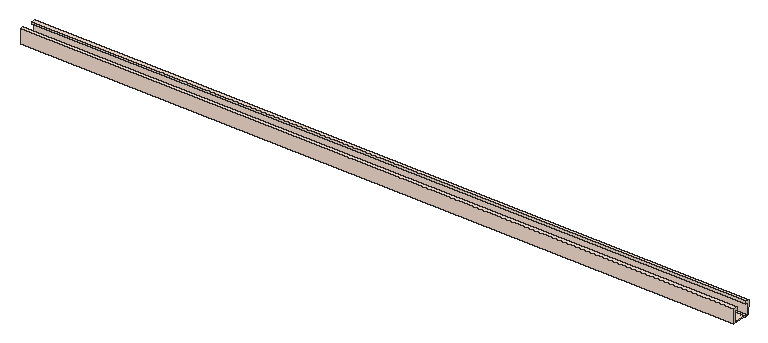
Revit family "CS-19", category 機械設備, Revit 2020
Family settings
  丸型コネクタ寸法 = 直径を使用
  種別 = なし
  パーツ タイプ = 標準
  作業面ベース = いいえ
  常に垂直 = はい
  ロード時にボイドで切り取り = いいえ
  共有 = いいえ
  部屋計算ポイント = いいえ
Parameters
  製造元 = "株式会社桐井製作所"
  既定の高さ = 0 mm
  URL = "https://www.kirii.co.jp/"
  K_長さ(mm) [instance] = 1000 mm
  K_材質 = "SGCC　一般用"
  K_断面積A(mm2) = 36.7
  K_断面係数Zy(mm3) = 309.2
  K_断面係数Zx(mm3) = 175.5
  K_断面2次半径iy(mm) = 10.3
  K_断面2次半径ix(mm) = 7.3
  K_断面2次モーメントIy(mm4) = 3866
  K_断面2次モーメントIx(mm4) = 1934
  K_外形寸法(mm) = "19×25×0.5"
  K_品名 = "CS-19"
  K_名称 = "野縁"
  K_単位質量(kg/m) = 0.302
  K_ヤング係数E(N/mm2) = 205000
  K_バージョン情報 = "20210524"
  K_めっき付着量 = "Z12"
  K_JIS規格 = "JIS G 3302"
  K_JIS外 [instance] = not(K_JIS)  # no
  K_JIS [instance] = yes
Reference planes
  plane 1 "中心(正面/背面)": y = 0
  plane 2: z = 0
  plane 3 "中心(左/右)": x = 0
  plane 4: x = 1000
  plane 5: y = -12.5
  plane 6: y = 12.499
  plane 7: z = 19
Forms (mm)
  Extrusion 1, solid
    sketch origin (12.499, 0, 0) x (0, 1, 0) y (0, 0, 1)
      loop
        line (-8.5, 19) -> (-12.5, 19) -> (-12.5, 0) -> (-7.5, 0) -> (-6.73, 0.77) -> (6.73, 0.77) -> (7.5, 0) -> (12.5, 0) -> (12.5, 19) -> (8.5, 19) -> (8.5, 16.246) -> (9, 15.532) -> (9, 18.5) -> (11.978, 18.5) -> (11.978, 0.5) -> (7.707, 0.5) -> (6.937, 1.27) -> (-6.937, 1.27) -> (-7.707, 0.5) -> (-11.978, 0.5) -> (-11.978, 18.5) -> (-9, 18.5) -> (-9, 15.532) -> (-8.5, 16.246) -> (-8.5, 19)
    from -12.499 to 987.501
  Extrusion 2, void
    sketch origin (12.499, 0, 0) x (0, 1, 0) y (0, 0, 1)
      loop
        line (-9.248, 16.247) -> (-9.248, 15.195) -> (9.354, 15.195) -> (9.354, 16.247) -> (-9.248, 16.247)
    from -12.499 to 987.501
Cuts and joins
  Extrusion 2 cuts Extrusion 1
Dimensions and locks
  "K_長さ(mm)": plane 4 to plane 3 "中心(左/右)"
  aligned and locked: level to plane 2
  aligned and locked: Extrusion 2 to Extrusion 1
  aligned and locked: plane 4 to cut or joined group of Extrusion 1, Extrusion 2
Automatic sketch dimensions
  Extrusion 1 sketch curve to level = 0 mm  (x2)
  plane 1 "中心(正面/背面)" to Extrusion 1 sketch curve = 12.5 mm
  plane 1 "中心(正面/背面)" to Extrusion 1 sketch curve = 11.979 mm
  Extrusion 1 sketch curve to Extrusion 1 sketch curve = 2.979 mm
  Extrusion 1 sketch curve to Extrusion 1 sketch curve = 0.5 mm  (x4)
  level to Extrusion 1 sketch curve = 0.5 mm  (x2)
  Extrusion 1 sketch curve to Extrusion 1 sketch curve = 4.271 mm
  Extrusion 1 sketch curve to Extrusion 1 sketch curve = 0.207 mm  (x4)
  Extrusion 1 sketch curve to Extrusion 1 sketch curve = 0.77 mm  (x2)
  level to Extrusion 1 sketch curve = 0.77 mm
  Extrusion 1 sketch curve to Extrusion 1 sketch curve = 13.46 mm
  level to Extrusion 1 sketch curve = 1.27 mm
  Extrusion 1 sketch curve to Extrusion 1 sketch curve = 17 mm
  Extrusion 1 sketch curve to Extrusion 1 sketch curve = 4.272 mm
  Extrusion 1 sketch curve to Extrusion 1 sketch curve = 0.521 mm
  Extrusion 1 sketch curve to Extrusion 1 sketch curve = 2.968 mm
  Extrusion 1 sketch curve to Extrusion 1 sketch curve = 0.714 mm  (x2)
  plane 1 "中心(正面/背面)" to Extrusion 2 sketch curve = 9.248 mm
  Extrusion 2 sketch curve to Extrusion 2 sketch curve = 18.602 mm
  Extrusion 2 sketch curve to Extrusion 2 sketch curve = 1.052 mm
  Extrusion 1 sketch curve to Extrusion 1 sketch curve = 14.262 mm  (x2)
  Extrusion 1 sketch curve to Extrusion 1 sketch curve = 2.254 mm
  level to Extrusion 2 sketch curve = 15.195 mm
